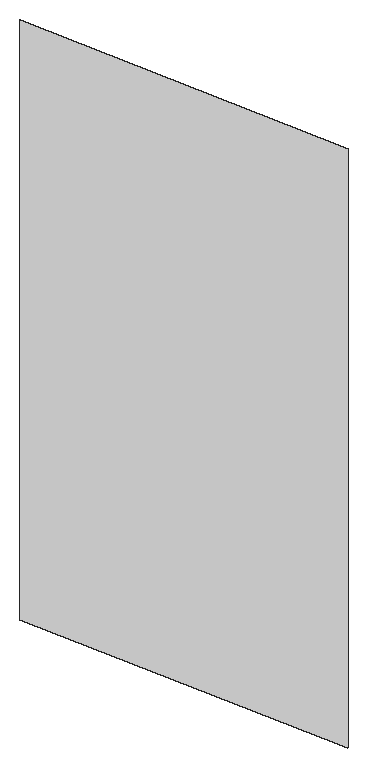
Revit family "M_Interruptor-Simples", category Iluminação elétrica, Revit 2019
Family settings
  Hospedeiro = Parede
  Manter orientação da anotação = Não
  Cota do conector redondo = Utilizar diâmetro
  Tipo de parte = Normal
  Número OmniClass = 23.80.50.11.14
  Título OmniClass = Switches
  ID de item do Seek = Switch-Single-0000-CAN-ENU
  Sempre na vertical = Sim
  Corte com vazios quando carregada = Não
  Compartilhado = Não
  Ponto de cálculo do ambiente = Não
Parameters (values of type "Único")
  Largura = 70 mm
  Altura de montagem = 1200 mm
  Altura = 115 mm
  Material = Plástico, Branco Opaco
Reference planes
  plane 1: y = 0
  plane 2 "Centro (Esquerda/Direita)": x = 125
  plane 3 "Parte posterior": y = 75
  plane 4: z = 1200
  plane 5: x = 90
  plane 6: x = 160
  plane 7: z = 1257.5
  plane 8: z = 1142.5
  plane 9: y = 80
Forms (mm)
  Blend 1, solid, material "Plástico, Branco Opaco" <- "Material"
    base sketch origin (0, 75, 0) x (1, 0, 0) y (0, 0, 1)
      loop
        line (160, 1257.5) -> (90, 1257.5) -> (90, 1142.5) -> (160, 1142.5) -> (160, 1257.5)
    top sketch origin (0, 75, 0) x (1, 0, 0) y (0, 0, 1)
      loop
        line (155, 1252.5) -> (95, 1252.5) -> (95, 1147.5) -> (155, 1147.5) -> (155, 1252.5)
    from 0 to -5
Text (mm)
  text "Lado da colocação" at (0, 1270.507, 3001.832), in view "Esquerda"
  text "Lado da colocação" at (0, 530.812, 2999.686), in view "Direita"
Dimensions and locks
  locked: plane 3 "Parte posterior" to host wall
  "Altura": plane 8 to plane 7
  "Largura": plane 5 to plane 6
  equal spacing: plane 8, plane 4, plane 7
  equal spacing: plane 5, plane 2 "Centro (Esquerda/Direita)", plane 6
  "Altura de montagem": level to plane 4
  locked: plane 3 "Parte posterior" to plane 9 at 5
  aligned and locked: plane 1 to host wall
  aligned and locked: Blend 1 sketch curve to plane 7
  aligned and locked: plane 8 to Blend 1 sketch curve
  aligned and locked: plane 5 to Blend 1 sketch curve
  aligned and locked: Blend 1 to plane 9
  aligned and locked: plane 3 "Parte posterior" to Blend 1
  aligned and locked: plane 9 to Blend 1
  aligned and locked: plane 2 "Centro (Esquerda/Direita)" to nested 1
  aligned and locked: plane 3 "Parte posterior" to nested 1
Automatic sketch dimensions
  plane 6 to Blend 1 sketch curve = 0 mm
  Blend 1 sketch curve to plane 5 = 5 mm
  plane 6 to Blend 1 sketch curve = 5 mm
  Blend 1 sketch curve to plane 8 = 5 mm
  plane 7 to Blend 1 sketch curve = 5 mm
Nested families
  nested 1: "Anotação de interruptor" at (125, 75, 0), type "Anotação de interruptor"
Definition of nested family "Anotação de interruptor"
  Reference planes
    plane 1: y = 0
    plane 2: x = 0
  Lines and regions (mm)
    detail lines
      curve 1: arc (0.687, 4.366, 0) -> (-0.687, 4.366, 0) -> (0, 3.175, 0) r 0.794
      curve 2: arc (-0.846, 1.687, 0) -> (0.876, 1.693, 0) -> (0, 3.175, 0) r 0.992
      curve 3: line (0, 1.191, 0) -> (0, 0.222, 0)
